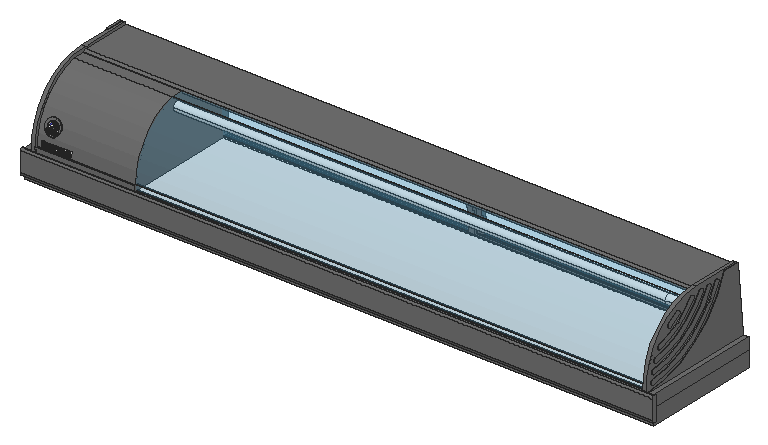
Revit family "QF_HOSHIZAKI_HNC-180BE-L-BH", category Specialty Equipment, Revit 2016
Family settings
  Part Type = Normal
  Round Connector Dimension = Use Diameter
  OmniClass Number = 23.40.40.14
  OmniClass Title = Food Service Equipment
  Work Plane-Based = No
  Always vertical = Yes
  Cut with Voids When Loaded = No
  Shared = No
  Room Calculation Point = No
Parameters (values of type "HNC-180BE-L-BH_230V/1Ph/50Hz")
  Weight = 42.00 kg
  Waste Remarks [instance] = ""
  Volts = 230 V
  URL Cutsheet = ""
  URL = "www.hoshizaki-europe.com"
  Status [instance] = ""
  Specification by User [instance] = ""
  Specification by Manufacturer [instance] = ""
  Serial Number = ""
  Seismic Rating = ""
  SMACNA No = ""
  Revision Code [instance] = ""
  Phase = 1
  Number of Poles = 2
  NAFEM Spec ID Number = ""
  Model = "HNC-180BE-L-BH"
  Min Ckt Ampacity = 0 A
  Max Overcurrent Protection = 0 A
  Masterspec = ""
  Manufacturer = "HOSHIZAKI"
  Length Actual = 1800 mm
  Item Number [instance] = ""
  Installed By [instance] = ""
  Indirect Waste Size = 50.8 mm
  Indirect Waste Connection Type [instance] = ""
  Indirect Waste Connection Height [instance] = 23 mm
  Identify Quantity as Lot [instance] = no
  Height Actual = 270 mm
  HP power = ""
  Furnished By [instance] = ""
  Foodservice Equipment Identifier [instance] = yes
  FL Amps = 0.6 A
  Electric power = 140 W
  Electric Connection Type [instance] = ""
  Elec Conn RI Height [instance] = 0 mm
  Elec Conn Connection Height [instance] = 19 mm
  Direct Waste RI Height [instance] = 0 mm
  Description = "SUSHI CASE, LEFT SIDED - BLACK"
  Depth Actual = 345 mm
  Cycle = 50 Hz
  Cost = 0
  Conn Plug = ""
  Conn Conduit = no
  CSI MasterFormat = ""
  Assembly Code = "E1090320"
  Apparent Power = 140 VA
  Accessory = no
Reference planes
  plane 1 "Center (Front/Back)": y = 0
  plane 2: z = 0
  plane 3 "Center (Left/Right)": x = 0
Forms (mm)
  Extrusion 1, solid, not visible
    sketch origin (29, -2, 18) x (1, 0, 0) y (0, 1, 0)
      loop
        line (0, 0) -> (2, 0) -> (2, 2) -> (0, 2) -> (0, 0)
    from 0 to 2
  Extrusion 2, solid, not visible
    sketch origin (1731, -2, 22) x (1, 0, 0) y (0, 1, 0)
      loop
        line (0, 0) -> (2, 0) -> (2, 2) -> (0, 2) -> (0, 0)
    from 0 to 2
Dimensions and locks
  aligned and locked: level to plane 2
Nested families
  nested 1: "QF_HOSHIZAKI_HNC-180BE-L-BH_230V_1Ph_50Hz" at (0, 0, 0), type "HNC-180BE-L-BH_230V/1Ph/50Hz"
    with Status "", Specification by User "", Show Clearance yes, Revision Code "", Number of Poles 1, Item Number "", Installed By "", Identify Quantity as Lot no, Furnished By "", Foodservice Equipment Identifier yes, Electrical Remarks "", Electric Connection Type "", Elec Conn RI Height 0 mm, Elec Conn Connection Height 19 mm, Conn Conduit yes
Connectors
  electrical at (30, 0, 19), driven by "Apparent Power", driven by "Number of Poles", driven by "Volts"
    settings: on Extrusion 1, index 1, voltage 230 V, apparent load 0 VA, apparent load phase1 140 VA, apparent load phase2 0 VA, apparent load phase3 0 VA, power factor 1, load classification "Other", number of poles 2, system type 31, power factor state 1, is connector primary yes, connector utility no, sub classification motor no, connector description "Electric connection for 'HNC-180BE-L-BH'"
  piping at (1732, 0, 23), diameter 50.8, driven by "Indirect Waste Size"
    settings: on Extrusion 2, index 2, connector inside diameter 609.6 mm, connector length 0 mm, flow factor 0, pipe flow 0.0 L/s, pressure drop 0.0 Pa, fitting loss kfactor 0, connector angle 0.00°, fixture units 0, engagement length 0 mm, angle of deflection 0.00°, flow configuration 1, flow direction 2, fitting loss method 0, system type 16, joint type 0, gender type 0, connector reference index -1, connector utility 0, adjustable connector no, is connector primary yes, connector description "Drain connection for 'HNC-180BE-L-BH'"
Definition of nested family "QF_HOSHIZAKI_HNC-180BE-L-BH_230V_1Ph_50Hz"
  Parameters (values of type "HNC-180BE-L-BH_230V/1Ph/50Hz")
    Weight in Pounds = 92.594
    Electric power = 150 W
    Volts = 230 V
    URL Cutsheet = "www.hoshizaki-europe.com"
    URL = "www.hoshizaki-europe.com"
    Status [instance] = ""
    Specification by User [instance] = ""
    Specification by Manufacturer = ""
    Show Logo = yes
    Show Clearance [instance] = yes
    Serial Number = ""
    Seismic Rating = ""
    SMACNA No = ""
    Revision Code [instance] = ""
    Phase = 1
    Number of Poles [instance] = 1
    NAFEM Spec ID Number = ""
    Model = "HNC-180BE-L-BH"
    Min Ckt Ampacity = 0 A
    Max Overcurrent Protection = 0 A
    Masterspec = ""
    Manufacturer = "HOSHIZAKI"
    Item Number [instance] = ""
    Installed By [instance] = ""
    Identify Quantity as Lot [instance] = no
    HP power = "0.201153000000"
    Furnished By [instance] = ""
    Foodservice Equipment Identifier [instance] = yes
    FL Amps = 20 A
    Electrical Remarks [instance] = ""
    Electric Connection Type [instance] = ""
    Elec Conn RI Height [instance] = 0 mm
    Elec Conn Connection Height [instance] = 19 mm
    Description = "SUSHI CASE, LEFT SIDED - BLACK"
    Cycle = 50 Hz
    Conn Plug = ""
    Conn Conduit [instance] = yes
    CSI MasterFormat = ""
    Assembly Code = "E1090320"
    Apparent Power = 150 VA
  Reference planes
    plane 1 "Back": y = 0
    plane 2: z = 0
    plane 3 "Left": x = 0
    plane 4 "Right": x = 1800
    plane 5 "Front": y = -345
    plane 6 "Top": z = 270
  Forms (mm)
    Extrusion 1, solid
      sketch origin (0, 0, 0) x (0, 1, 0) y (0, 0, 1)
        loop
          line (-335, 11.612) -> (-335, 78.923) -> (-340, 78.923)
          arc (-340, 78.923) -> (-343.536, 77.458) -> (-345, 73.923) r 5
          line (-345, 73.923) -> (-345, 16.612)
          arc (-345, 16.612) -> (-343.536, 13.076) -> (-340, 11.612) r 5
          line (-340, 11.612) -> (-335, 11.612)
      from 0 to 1800
    Extrusion 2, solid
      sketch origin (4, 0, 0) x (0, 1, 0) y (0, 0, 1)
        loop
          line (0, 0) -> (0, 45.267) -> (-335, 45.267) -> (-335, 0) -> (0, 0)
      from 1792 to 0
    Extrusion 3, solid
      sketch origin (1780, 0, 0) x (0, 1, 0) y (0, 0, -1)
        loop
          arc (-335, -77.311) -> (-168.876, -131.23) -> (-62.821, -270) r 293.422
          line (-62.821, -270) -> (-16.482, -270) -> (0, -81.612) -> (0, -45.267) -> (-335, -45.267) -> (-335, -77.311)
        loop
          arc (-83.709, -252.219) -> (-178.479, -139.765) -> (-317.08, -90.602) r 280.922
          arc (-317.08, -90.602) -> (-323.161, -96.407) -> (-318.029, -103.066) r 6.285
          arc (-318.029, -103.066) -> (-185.592, -150.044) -> (-95.039, -257.5) r 268.422
          arc (-95.039, -257.5) -> (-87.673, -258.508) -> (-83.709, -252.219) r 6.865
        loop
          arc (-111.859, -251.686) -> (-195.78, -158.227) -> (-314.06, -115.953) r 255.922
          arc (-314.06, -115.953) -> (-320.31, -121.62) -> (-315.28, -128.393) r 6.28
          arc (-315.28, -128.393) -> (-202.759, -168.597) -> (-122.925, -257.5) r 243.422
          arc (-122.925, -257.5) -> (-115.571, -258.059) -> (-111.859, -251.686) r 6.947
        loop
          arc (-140.937, -251.021) -> (-211.328, -177.909) -> (-306.269, -142.04) r 230.922
          arc (-306.269, -142.04) -> (-312.519, -147.451) -> (-308.057, -154.411) r 6.315
          arc (-308.057, -154.411) -> (-218.228, -188.332) -> (-151.626, -257.5) r 218.422
          arc (-151.626, -257.5) -> (-143.81, -258.338) -> (-140.937, -251.021) r 6.48
        loop
          arc (-173, -248.071) -> (-226.037, -198.16) -> (-293.13, -169.833) r 205.922
          arc (-293.13, -169.833) -> (-298.352, -176.046) -> (-293.527, -182.572) r 6.554
          arc (-293.527, -182.572) -> (-231.849, -209.297) -> (-183.042, -255.516) r 193.422
          arc (-183.042, -255.516) -> (-175.054, -255.795) -> (-173, -248.071) r 6.411
        loop
          arc (-225.482, -229.368) -> (-239.933, -218.945) -> (-255.34, -209.993) r 180.922
          arc (-255.34, -209.993) -> (-262.519, -213.318) -> (-261.08, -221.097) r 6.452
          arc (-261.08, -221.097) -> (-246.737, -229.431) -> (-233.285, -239.134) r 168.422
          arc (-233.285, -239.134) -> (-225.701, -237.193) -> (-225.482, -229.368) r 6.501
      from 0 to 5
    Extrusion 4, solid
      sketch origin (1775, 0, 0) x (0, 1, 0) y (0, 0, -1)
        loop
          line (-335, -45.267) -> (-335, -77.311)
          arc (-335, -77.311) -> (-288.48, -212.569) -> (-157.482, -270) r 178.115
          line (-157.482, -270) -> (-16.482, -270) -> (0, -81.612) -> (0, -45.267) -> (-335, -45.267)
      from 0 to 10
    Extrusion 5, solid
      sketch origin (20, 0, 0) x (0, 1, 0) y (0, 0, 1)
        loop
          line (-335, 77.311) -> (-335, 45.267) -> (0, 45.267) -> (0, 81.612) -> (-16.482, 270) -> (-62.821, 270)
          arc (-62.821, 270) -> (-168.876, 131.23) -> (-335, 77.311) r 293.422
        loop
          arc (-83.709, 252.219) -> (-87.673, 258.508) -> (-95.039, 257.5) r 6.865
          arc (-95.039, 257.5) -> (-185.592, 150.044) -> (-318.029, 103.066) r 268.422
          arc (-318.029, 103.066) -> (-323.161, 96.407) -> (-317.08, 90.602) r 6.285
          arc (-317.08, 90.602) -> (-178.479, 139.765) -> (-83.709, 252.219) r 280.922
        loop
          arc (-111.859, 251.686) -> (-115.571, 258.059) -> (-122.925, 257.5) r 6.947
          arc (-122.925, 257.5) -> (-202.759, 168.597) -> (-315.28, 128.393) r 243.422
          arc (-315.28, 128.393) -> (-320.31, 121.62) -> (-314.06, 115.953) r 6.28
          arc (-314.06, 115.953) -> (-195.78, 158.227) -> (-111.859, 251.686) r 255.922
        loop
          arc (-140.937, 251.021) -> (-143.81, 258.338) -> (-151.626, 257.5) r 6.48
          arc (-151.626, 257.5) -> (-218.228, 188.332) -> (-308.057, 154.411) r 218.422
          arc (-308.057, 154.411) -> (-312.519, 147.451) -> (-306.269, 142.04) r 6.315
          arc (-306.269, 142.04) -> (-211.328, 177.909) -> (-140.937, 251.021) r 230.922
        loop
          arc (-173, 248.071) -> (-175.054, 255.795) -> (-183.042, 255.516) r 6.411
          arc (-183.042, 255.516) -> (-231.849, 209.297) -> (-293.527, 182.572) r 193.422
          arc (-293.527, 182.572) -> (-298.352, 176.046) -> (-293.13, 169.833) r 6.554
          arc (-293.13, 169.833) -> (-226.037, 198.16) -> (-173, 248.071) r 205.922
        loop
          arc (-225.482, 229.368) -> (-225.701, 237.193) -> (-233.285, 239.134) r 6.501
          arc (-233.285, 239.134) -> (-246.737, 229.431) -> (-261.08, 221.097) r 168.422
          arc (-261.08, 221.097) -> (-262.519, 213.318) -> (-255.34, 209.993) r 6.452
          arc (-255.34, 209.993) -> (-239.933, 218.945) -> (-225.482, 229.368) r 180.922
      from 0 to 5
    Extrusion 6, solid
      sketch origin (25, 0, 0) x (0, 1, 0) y (0, 0, 1)
        loop
          line (-335, 45.267) -> (0, 45.267) -> (0, 81.612) -> (-16.482, 270) -> (-157.482, 270)
          arc (-157.482, 270) -> (-288.48, 212.569) -> (-335, 77.311) r 178.115
          line (-335, 77.311) -> (-335, 45.267)
      from 0 to 10
    Extrusion 7, solid
      sketch origin (0, 0, 0) x (0, 1, 0) y (0, 0, 1)
        loop
          line (-335.005, 77.311) -> (-9.983, 77.311) -> (-9.983, 45.267) -> (0, 45.267) -> (0, 81.612) -> (-15.607, 260) -> (-198.787, 260)
          arc (-198.787, 260) -> (-293.716, 198.698) -> (-330.597, 91.885) r 173.115
          line (-330.597, 91.885) -> (-335.597, 91.885) -> (-335.005, 77.311)
      from 35 to 317
    Extrusion 8, solid
      sketch origin (0, 0, 0) x (0, 1, 0) y (0, 0, 1)
        loop
          line (-9.983, 45.267) -> (-9.983, 67.293)
          arc (-9.983, 67.293) -> (-12.951, 74.377) -> (-20.035, 77.311) r 10.017
          line (-20.035, 77.311) -> (-324.983, 77.311)
          arc (-324.983, 77.311) -> (-332.066, 74.377) -> (-335, 67.293) r 10.017
          line (-335, 67.293) -> (-335, 45.267) -> (-9.983, 45.267)
      from 35 to 1765
    Extrusion 9, solid
      sketch origin (0, 0, 0) x (0, 1, 0) y (0, 0, 1)
        loop
          line (-16.044, 265) -> (-157.482, 265)
          arc (-157.482, 265) -> (-162.482, 263.66) -> (-166.142, 260) r 10
          line (-166.142, 260) -> (-166.142, 255) -> (-15.169, 255) -> (-16.044, 265)
      from 35 to 1765
    Extrusion 10, solid
      sketch origin (0, 0, 0) x (0, 1, 0) y (0, 0, 1)
        loop
          line (-166.142, 260) -> (-198.787, 260)
          arc (-198.787, 260) -> (-293.716, 198.698) -> (-330.597, 91.885) r 173.115
          line (-330.597, 91.885) -> (-330.597, 77.395) -> (-325.597, 77.395) -> (-325.597, 91.885)
          arc (-325.597, 91.885) -> (-289.967, 195.377) -> (-198.178, 255) r 168.115
          line (-198.178, 255) -> (-166.142, 255) -> (-166.142, 260)
      from 317 to 1765
    Sweep 11, solid
      path origin (598.568, 0, 230) x (1, 0, 0) y (0, 1, 0)
        loop
          line (1072.551, -50.66) -> (1112.551, -50.66)
          arc (1112.551, -50.66) -> (1140.051, -62.051) -> (1151.442, -89.551) r 38.891
          line (1151.442, -89.551) -> (1151.442, -153.787)
          arc (1151.442, -153.787) -> (1142.122, -176.287) -> (1119.622, -185.607) r 31.82
          line (1119.622, -185.607) -> (-280.378, -185.607)
      profile origin (1691.12, -50.66, 230) x (0, 1, 0) y (0, 0, 1)
        loop
          circle (0, 0) r 12.5
    Extrusion 12, solid
      sketch origin (0, 0, 0) x (0, 1, 0) y (0, 0, 1)
        loop
          line (0, 45.267) -> (0, 81.612) -> (-1.743, 101.536) -> (-6.743, 101.536) -> (-5, 81.612) -> (-5, 77.311) -> (-10, 77.311) -> (-10, 45.267) -> (0, 45.267)
      from 317 to 1765
    Extrusion 13, solid
      sketch origin (600, 0, 0) x (0, 1, 0) y (0, 0, 1)
        loop
          line (-6.743, 101.536) -> (-1.743, 101.536) -> (-15.169, 255) -> (-20.169, 255) -> (-6.743, 101.536)
      from 1150 to 1165
    Extrusion 14, solid
      sketch origin (317, -10, 0) x (0, 1, 0) y (0, 0, 1)
        loop
          line (-5, 77.311) -> (-5, 81.612) -> (-20.169, 255) -> (-25.169, 255) -> (-9.917, 80.666) -> (-9.917, 77.311) -> (-5, 77.311)
      from 0 to 700
    Extrusion 15, solid
      sketch origin (0, 0, 0) x (1, 0, 0) y (0, 0, 1)
        loop
          line (20, 45.267) -> (20, 78.923) -> (4, 78.923) -> (4, 45.267) -> (20, 45.267)
      from 0 to 335
    Extrusion 16, solid
      sketch origin (1780, 0, 0) x (1, 0, 0) y (0, 0, 1)
        loop
          line (16, 45.267) -> (16, 78.923) -> (0, 78.923) -> (0, 45.267) -> (16, 45.267)
      from 0 to 335
    Extrusion 17, solid
      sketch origin (30, 5, 19) x (1, 0, 0) y (0, 0, 1)
        loop
          circle (0, 0) r 5
      from 0 to 5
    Extrusion 18, solid
      sketch origin (1200, 0, 0) x (0, 1, 0) y (0, 0, 1)
        loop
          line (-5, 77.311) -> (-5, 81.612) -> (-20.169, 255) -> (-25.169, 255) -> (-9.917, 80.666) -> (-9.917, 77.311) -> (-5, 77.311)
      from -150 to 550
    Extrusion 19, solid
      sketch origin (1050, 0, 0) x (0, 1, 0) y (0, 0, -1)
        loop
          line (-6.743, -101.536) -> (-4.917, -80.666) -> (-9.917, -80.666) -> (-25.169, -255) -> (-20.169, -255) -> (-14.603, -248.524) -> (-2.401, -109.056) -> (-6.743, -101.536)
      from 16 to 0
    Extrusion 20, solid
      sketch origin (1033, -10, 0) x (0, 1, 0) y (0, 0, -1)
        loop
          line (-6.743, -101.536) -> (-4.917, -80.666) -> (-9.917, -80.666) -> (-25.169, -255) -> (-20.169, -255) -> (-14.603, -248.524) -> (-2.401, -109.056) -> (-6.743, -101.536)
      from 16 to 0
    Extrusion 21, solid, visible <- "Show Logo"
      sketch origin (3.022, -388.606, -502.736) x (1, 0, 0) y (0, 0.087156, 0.996195)
        loop
          line (55.338, 616.136) -> (55.338, 615.183) -> (56.401, 614.569) -> (56.401, 609.537) -> (55.338, 608.924) -> (55.338, 607.971) -> (59.638, 607.971) -> (59.638, 608.924) -> (58.286, 609.537) -> (58.286, 611.434) -> (61.704, 611.434) -> (61.704, 609.537) -> (60.353, 608.924) -> (60.353, 607.971) -> (64.652, 607.971) -> (64.652, 608.924) -> (63.589, 609.537) -> (63.589, 614.569) -> (64.652, 615.183) -> (64.652, 616.136) -> (60.353, 616.136) -> (60.353, 615.183) -> (61.704, 614.569) -> (61.704, 612.924) -> (58.286, 612.924) -> (58.286, 614.569) -> (59.638, 615.183) -> (59.638, 616.136) -> (55.338, 616.136)
        loop
          spline (69.001, 608.002) -> (70.129, 608.14) -> (71.179, 608.547) -> (72.081, 609.193) -> (72.773, 610.035) -> (73.209, 611.016) -> (73.357, 612.069) -> (73.209, 613.121) -> (72.773, 614.102) -> (72.081, 614.944) -> (71.179, 615.591) -> (70.129, 615.997) -> (69.001, 616.136)
          spline (69.001, 616.136) -> (67.874, 615.997) -> (66.824, 615.591) -> (65.922, 614.944) -> (65.229, 614.102) -> (64.794, 613.121) -> (64.646, 612.069) -> (64.794, 611.016) -> (65.229, 610.035) -> (65.922, 609.193) -> (66.824, 608.547) -> (67.874, 608.14) -> (69.001, 608.002)
        loop
          spline (68.927, 609) -> (69.484, 609.105) -> (70.004, 609.411) -> (70.45, 609.899) -> (70.792, 610.534) -> (71.007, 611.274) -> (71.08, 612.069) -> (71.007, 612.863) -> (70.792, 613.603) -> (70.45, 614.239) -> (70.004, 614.726) -> (69.484, 615.033) -> (68.927, 615.137)
          spline (68.927, 615.137) -> (68.37, 615.033) -> (67.851, 614.726) -> (67.405, 614.239) -> (67.063, 613.603) -> (66.847, 612.863) -> (66.774, 612.069) -> (66.847, 611.274) -> (67.063, 610.534) -> (67.405, 609.899) -> (67.851, 609.411) -> (68.37, 609.105) -> (68.927, 609)
        loop
          line (81.179, 616.194) -> (79.474, 615.758)
          arc (79.474, 615.758) -> (77.281, 616.22) -> (75.089, 615.753) r 5.403
          arc (75.089, 615.753) -> (73.886, 613.9) -> (75.089, 612.047) r 2.029
          line (75.089, 612.047) -> (78.971, 610.634)
          arc (78.971, 610.634) -> (79.436, 609.97) -> (78.971, 609.307) r 0.706
          arc (78.971, 609.307) -> (77.855, 609.11) -> (76.74, 609.307) r 3.262
          line (76.74, 609.307) -> (75.274, 610.772) -> (73.787, 610.772) -> (73.787, 608.097) -> (75.666, 608.577)
          arc (75.666, 608.577) -> (78.223, 607.78) -> (80.78, 608.577) r 4.5
          arc (80.78, 608.577) -> (81.48, 610.43) -> (80.78, 612.283) r 2.804
          line (80.78, 612.283) -> (76.487, 613.433)
          arc (76.487, 613.433) -> (75.882, 614.221) -> (76.487, 615.009) r 0.816
          arc (76.487, 615.009) -> (77.614, 615.157) -> (78.742, 615.009) r 4.357
          line (78.742, 615.009) -> (79.927, 613.433) -> (81.179, 613.433) -> (81.179, 616.194)
        loop
          line (82.271, 616.136) -> (82.271, 615.183) -> (83.334, 614.569) -> (83.334, 609.537) -> (82.271, 608.924) -> (82.271, 607.971) -> (86.57, 607.971) -> (86.57, 608.924) -> (85.219, 609.537) -> (85.219, 611.434) -> (88.636, 611.434) -> (88.636, 609.537) -> (87.285, 608.924) -> (87.285, 607.971) -> (91.585, 607.971) -> (91.585, 608.924) -> (90.522, 609.537) -> (90.522, 614.569) -> (91.585, 615.183) -> (91.585, 616.136) -> (87.285, 616.136) -> (87.285, 615.183) -> (88.636, 614.569) -> (88.636, 612.924) -> (85.219, 612.924) -> (85.219, 614.569) -> (86.57, 615.183) -> (86.57, 616.136) -> (82.271, 616.136)
        loop
          line (96.706, 616.136) -> (92.416, 616.136) -> (92.416, 615.183) -> (93.479, 614.569) -> (93.479, 609.537) -> (92.416, 608.924) -> (92.416, 607.971) -> (96.706, 607.971) -> (96.706, 608.924) -> (95.643, 609.537) -> (95.643, 614.569) -> (96.706, 615.183) -> (96.706, 616.136)
        loop
          line (97.667, 616.136) -> (97.667, 612.671) -> (98.907, 612.671) -> (98.907, 614.463) -> (99.558, 615.114) -> (102.547, 615.114) -> (97.667, 609.299) -> (97.667, 607.971) -> (104.908, 607.971) -> (104.908, 611.273) -> (103.649, 611.273) -> (103.649, 609.958) -> (102.708, 609.299) -> (100.239, 609.299) -> (104.908, 614.862) -> (104.908, 616.136) -> (97.667, 616.136)
        loop
          line (105.624, 607.971) -> (109.33, 607.971) -> (109.33, 609.028) -> (107.454, 609.028) -> (108.104, 610.636) -> (111.138, 610.636) -> (111.792, 609.702) -> (111.119, 609.028) -> (110.298, 609.028) -> (110.298, 607.971) -> (114.469, 607.971) -> (114.469, 609.299) -> (110.933, 616.136) -> (109.33, 616.136) -> (106.458, 609.028) -> (105.624, 609.028) -> (105.624, 607.971)
        loop
          line (114.779, 616.136) -> (114.779, 615.083) -> (116.046, 615.083) -> (116.046, 609.299) -> (114.99, 609.299) -> (114.99, 607.971) -> (118.696, 607.971) -> (117.926, 609.461) -> (117.926, 610.349) -> (119.101, 611.525) -> (121.327, 609.299) -> (120.053, 609.299) -> (120.053, 607.971) -> (124.657, 607.971) -> (124.657, 609.299) -> (123.759, 609.299) -> (120.592, 613.016) -> (122.659, 615.083) -> (123.759, 615.083) -> (123.759, 616.136) -> (120.053, 616.136) -> (120.053, 615.083) -> (121.071, 615.083) -> (117.926, 611.937) -> (118.696, 615.083) -> (118.696, 616.136) -> (114.779, 616.136)
        loop
          line (129.485, 616.136) -> (125.196, 616.136) -> (125.196, 615.183) -> (126.259, 614.569) -> (126.259, 609.537) -> (125.196, 608.924) -> (125.196, 607.971) -> (129.485, 607.971) -> (129.485, 608.924) -> (128.422, 609.537) -> (128.422, 614.569) -> (129.485, 615.183) -> (129.485, 616.136)
        loop
          line (109.583, 614.299) -> (108.553, 611.748) -> (110.666, 611.748) -> (109.583, 614.299)
        loop
          line (52.372, 617.338) -> (52.372, 606.471) -> (131.113, 606.471) -> (131.113, 617.338) -> (52.372, 617.338)
        loop
          line (133.113, 619.338) -> (50.372, 619.338) -> (50.372, 604.471) -> (133.113, 604.471) -> (133.113, 619.338)
      from -1 to 1
    Extrusion 22, solid, visible <- "Show Logo"
      sketch origin (13.022, -389.851, -522.703) x (1, 0, 0) y (0, 0.087156, 0.996195)
        loop
          line (42.372, 637.338) -> (42.372, 626.471) -> (121.113, 626.471) -> (121.113, 637.338) -> (42.372, 637.338)
      from -1 to 1
    Extrusion 23, solid, visible <- "Show Logo"
      sketch origin (537.337, -1020.958, -1575.221) x (-1, 0, 0) y (0, -0.374607, -0.927184)
        loop
          circle (459.884, -1862.5) r 13.99
      from 0 to 2.5
    Extrusion 24, solid, visible <- "Show Logo"
      sketch origin (537.337, -1021.422, -1575.034) x (-1, 0, 0) y (0, -0.374607, -0.927184)
        loop
          circle (459.884, -1862.5) r 15
        loop
          arc (446.884, -1862.5) -> (460.705, -1875.474) -> (472.781, -1860.863) r 13
          line (472.781, -1860.863) -> (470.355, -1858.437) -> (469.346, -1862.201) -> (466.355, -1863.928) -> (465.024, -1865.26) -> (463.375, -1865.26) -> (462.04, -1870.241) -> (457.755, -1870.241) -> (459.339, -1867.979) -> (460.402, -1864.014) -> (461.224, -1860.945) -> (462.416, -1856.497) -> (461.216, -1855.297) -> (459.433, -1857.843) -> (455.784, -1851.523) -> (460.361, -1851.523) -> (461.471, -1853.446) -> (469.213, -1853.446)
          arc (469.213, -1853.446) -> (460.394, -1849.51) -> (451.293, -1852.743) r 13
          line (451.293, -1852.743) -> (455.577, -1853.891) -> (453.752, -1856.497) -> (455.349, -1856.497) -> (454.477, -1866.459) -> (452.538, -1866.459) -> (446.884, -1862.5)
        loop
          line (447.853, -1857.467) -> (452.313, -1861.926) -> (450.144, -1853.891)
          arc (450.144, -1853.891) -> (448.878, -1855.602) -> (447.853, -1857.467) r 15.828
        loop
          line (463.583, -1862.877) -> (466.64, -1862.399) -> (464.901, -1861.285) -> (463.583, -1857.664) -> (463.583, -1862.877)
        loop
          line (464.827, -1855.979) -> (468.296, -1856.908) -> (469.573, -1854.916) -> (468.881, -1854.224) -> (467.914, -1855.035) -> (464.827, -1855.979)
        loop
          line (462.609, -1872.307) -> (462.609, -1874.009) -> (464.927, -1873.388) -> (462.609, -1872.307)
        loop
          line (460.361, -1874.662) -> (459.594, -1873.335) -> (460.801, -1872.638) -> (459.186, -1872.205) -> (458.298, -1874.11) -> (460.361, -1874.662)
        loop
          line (459.623, -1846.783) -> (460.706, -1845.701) -> (462.247, -1845.701) -> (461.191, -1844.645) -> (461.503, -1842.874) -> (459.623, -1843.959) -> (457.743, -1842.874) -> (458.055, -1844.645) -> (456.999, -1845.701) -> (458.54, -1845.701) -> (459.623, -1846.783)
        loop
          line (446.86, -1853.7) -> (446.594, -1852.191) -> (447.478, -1850.929) -> (446.007, -1851.188) -> (444.736, -1849.917) -> (444.547, -1852.08) -> (442.579, -1852.997) -> (444.209, -1853.757) -> (444.468, -1855.228) -> (445.352, -1853.965) -> (446.86, -1853.7)
        loop
          line (452.395, -1848.68) -> (452.856, -1847.219) -> (454.223, -1846.508) -> (452.799, -1846.059) -> (452.258, -1844.344) -> (451.091, -1846.175) -> (448.922, -1846.08) -> (450.017, -1847.507) -> (449.568, -1848.931) -> (450.935, -1848.219) -> (452.395, -1848.68)
        loop
          line (472.909, -1853.7) -> (474.417, -1853.965) -> (475.301, -1855.228) -> (475.56, -1853.757) -> (477.19, -1852.997) -> (475.222, -1852.08) -> (475.033, -1849.917) -> (473.761, -1851.188) -> (472.291, -1850.929) -> (473.175, -1852.191) -> (472.909, -1853.7)
        loop
          line (467.374, -1848.68) -> (468.834, -1848.219) -> (470.201, -1848.931) -> (469.752, -1847.507) -> (470.847, -1846.08) -> (468.678, -1846.175) -> (467.511, -1844.344) -> (466.97, -1846.059) -> (465.546, -1846.508) -> (466.913, -1847.219) -> (467.374, -1848.68)
      from 0 to 2.5
    Extrusion 25, solid, visible <- "Show Logo"
      sketch origin (537.337, -1021.422, -1575.034) x (-1, 0, 0) y (0, -0.374607, -0.927184)
        loop
          line (462.609, -1874.009) -> (462.609, -1872.307) -> (462.085, -1870.241) -> (457.755, -1870.241) -> (459.339, -1867.979) -> (462.416, -1856.497) -> (461.216, -1855.297) -> (459.433, -1857.843) -> (455.808, -1851.565) -> (453.948, -1851.565) -> (455.577, -1853.891) -> (454.477, -1866.459) -> (456.345, -1871.339)
          arc (456.345, -1871.339) -> (456.868, -1874.025) -> (459.213, -1875.435) r 3.366
          arc (459.213, -1875.435) -> (460.198, -1875.496) -> (461.183, -1875.435) r 8.046
          line (461.183, -1875.435) -> (462.609, -1874.009)
        loop
          line (456.854, -1851.523) -> (460.361, -1851.523) -> (460.916, -1852.485) -> (462.702, -1852.485) -> (463.779, -1851.407) -> (460.623, -1851.407) -> (461.563, -1850.468) -> (456.245, -1850.468) -> (456.854, -1851.523)
        loop
          line (460.361, -1874.662) -> (459.594, -1873.335) -> (460.801, -1872.638) -> (459.186, -1872.205) -> (458.298, -1874.11) -> (460.361, -1874.662)
      from 0 to 2.5
    Extrusion 26, solid, visible <- "Show Logo"
      sketch origin (522.953, -534.382, -370.902) x (-1, 0, 0) y (0, -0.374607, -0.927184)
        loop
          circle (445.5, -563.6) r 22.5
      from 0 to 2
  Lines and regions (mm)
    symbolic lines
      curve 1: line (0, -335, 0) -> (0, -345, 0)
      curve 2: line (0, -345, 0) -> (1800, -345, 0)
      curve 3: line (1800, -345, 0) -> (1800, -335, 0)
      curve 4: line (1800, -335, 0) -> (1796, -335, 0)
      curve 5: line (1796, -335, 0) -> (1796, 0, 0)
      curve 6: line (1796, 0, 0) -> (4, 0, 0)
      curve 7: line (35, 0, 0) -> (35, 5, 0)
      curve 8: line (35, 5, 0) -> (25, 5, 0)
      curve 9: line (25, 5, 0) -> (25, 0, 0)
      curve 10: line (4, 0, 0) -> (4, -335, 0)
      curve 11: line (4, -335, 0) -> (0, -335, 0)
      curve 12: line (4, -335, 0) -> (1796, -335, 0)
      curve 13: line (1765, -335, 0) -> (1765, 0, 0)
      curve 14: line (35, -335, 0) -> (35, 0, 0)
      curve 15: line (317, 0, 0) -> (317, -335, 0)
      curve 16: line (1765, -166.142, 0) -> (317, -166.142, 0)
  Dimensions and locks
    aligned and locked: level to plane 2
  Connectors
    electrical at (30, 5, 19), driven by "Apparent Power", driven by "Volts", driven by "Number of Poles"
      settings: on Extrusion 17, index 2, voltage 230 V, apparent load 0 VA, apparent load phase1 150 VA, apparent load phase2 0 VA, apparent load phase3 0 VA, power factor 1, load classification none, number of poles 1, system type 31, power factor state 1, is connector primary yes, connector utility no, sub classification motor no, connector description "Electrical connection"
